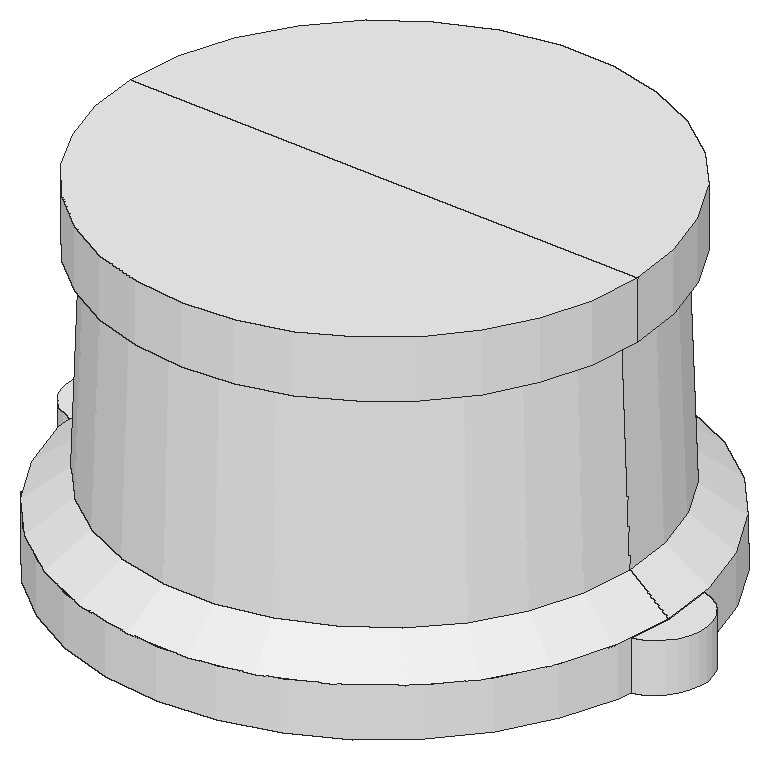
Revit family "Lighting-Acclaim-AJBox1", category Lighting Fixtures, host Face, Revit 2017
Family settings
  Host = Face
  Round Connector Dimension = Use Diameter
  Part Type = Normal
  Cut with Voids When Loaded = No
  Light Source = No
  Shared = No
  Room Calculation Point = No
Parameters
  Voltage = 0 V
  URL = "http://www.acclaimlighting.com/"
  Power Factor = 1
  Number of Poles = 1
  Model = "AJBOX1"
  Manufacturer = "Acclaim Lighting"
  Length = 5.51"
  Lamp = ""
  Width = 4.41"
  Housing Finish = Aluminum
  Height = 3.07"
  Description = "Junction Box"
  Default Elevation = 48.00"
  Apparent Load = 0 VA
Reference planes (in)
  plane 1 "Center (Front/Back)": y = 0
  plane 2: z = 0
  plane 3 "Center (Left/Right)": x = 0
  plane 4: z = -3.07
  plane 5: z = 2.03932
  plane 6: x = -2.755
  plane 7: x = 2.755
  plane 8: x = -2.205
  plane 9: x = 2.205
Forms (in)
  Revolve 1, solid, material "Aluminum"
    sketch origin (0, 0, 0) x (1, 0, 0) y (0, 0, 1)
      loop
        line (0, 2.98686) -> (-2.20548, 2.98686) -> (-2.20548, 2.48686) -> (-2.07144, 2.48686) -> (-2.13444, 0.68274) -> (-2.47702, 0.42458) -> (-2.47702, 0) -> (0, 0) -> (0, 2.98686)
      axis (0, 2.98686) -> (0, 0)
    angle from 0 to 360
  Extrusion 2, solid, material "Aluminum"
    sketch origin (0, 0, 0) x (1, 0, 0) y (0, 1, 0)
      loop
        line (2.16146, 0.43843) -> (2.16146, -0.37107) -> (2.43791, -0.37107)
        arc (2.43791, -0.37107) -> (2.75541, 0.03368) -> (2.43791, 0.43843) r 0.41674
        line (2.43791, 0.43843) -> (2.16146, 0.43843)
    from 0 to 0.42458
  Extrusion 3, solid, material "Aluminum"
    sketch origin (0, 0, 0) x (-1, 0, 0) y (0, -1, 0)
      loop
        line (2.16146, -0.43843) -> (2.43791, -0.43843)
        arc (2.43791, -0.43843) -> (2.75541, -0.03368) -> (2.43791, 0.37107) r 0.41674
        line (2.43791, 0.37107) -> (2.16146, 0.37107) -> (2.16146, -0.43843)
    from 0 to 0.42458
Dimensions and locks (in)
  "Height": host face to plane 4
  "Length": plane 7 to plane 6
  equal spacing: plane 7, plane 3 "Center (Left/Right)", plane 6
  plane 6 to plane 7 = 5.51"
  equal spacing: plane 8, plane 3 "Center (Left/Right)", plane 9
  "Width": plane 8 to plane 9
  aligned and locked: plane 2 to host face
  aligned and locked: level to host face
Automatic sketch dimensions
  host sketch curve to host sketch curve = 96.00"  (x2)
  Revolve 1 sketch curve to level = 0.00"
  Revolve 1 sketch curve to plane 3 "Center (Left/Right)" = 0.00"  (x2)
  plane 8 to Revolve 1 sketch curve = 0.13356"
  plane 8 to Revolve 1 sketch curve = 0.07056"
  Revolve 1 sketch curve to plane 8 = 0.00048"
  Revolve 1 sketch curve to plane 8 = 0.27202"
  Revolve 1 sketch curve to Revolve 1 sketch curve = 0.42458"
  Revolve 1 sketch curve to Revolve 1 sketch curve = 0.25816"
  plane 5 to Revolve 1 sketch curve = 0.44754"
  Revolve 1 sketch curve to Revolve 1 sketch curve = 0.50"
  Revolve 1 sketch curve to plane 4 = 20.93"
  Revolve 1 sketch curve to Revolve 1 sketch curve = 99.73197"
  Extrusion 2 sketch curve to plane 9 = 0.04354"
  plane 9 to Extrusion 2 sketch curve = 0.13368"
  plane 9 to Extrusion 2 sketch curve = 0.23291"  (x2)
  plane 1 "Center (Front/Back)" to Extrusion 2 sketch curve = 0.37107"
  Extrusion 2 sketch curve to plane 1 "Center (Front/Back)" = 0.03368"
  Extrusion 3 sketch curve to plane 8 = 0.04354"
  plane 8 to Extrusion 3 sketch curve = 0.13368"
  plane 8 to Extrusion 3 sketch curve = 0.23291"  (x2)
  Extrusion 3 sketch curve to plane 1 "Center (Front/Back)" = 0.37107"
  plane 1 "Center (Front/Back)" to Extrusion 3 sketch curve = 0.03368"
Connectors (in)
  electrical at (0, 0, 0), driven by "Number of Poles", driven by "Voltage", driven by "Apparent Load", driven by "Power Factor"
    settings: on Revolve 1, index 1, voltage 0 V, apparent load 0 VA, apparent load phase1 0 VA, apparent load phase2 0 VA, apparent load phase3 0 VA, power factor 1, load classification "Other", number of poles 1, system type 31, power factor state 1, is connector primary yes, connector utility no, sub classification motor no, connector description ""
